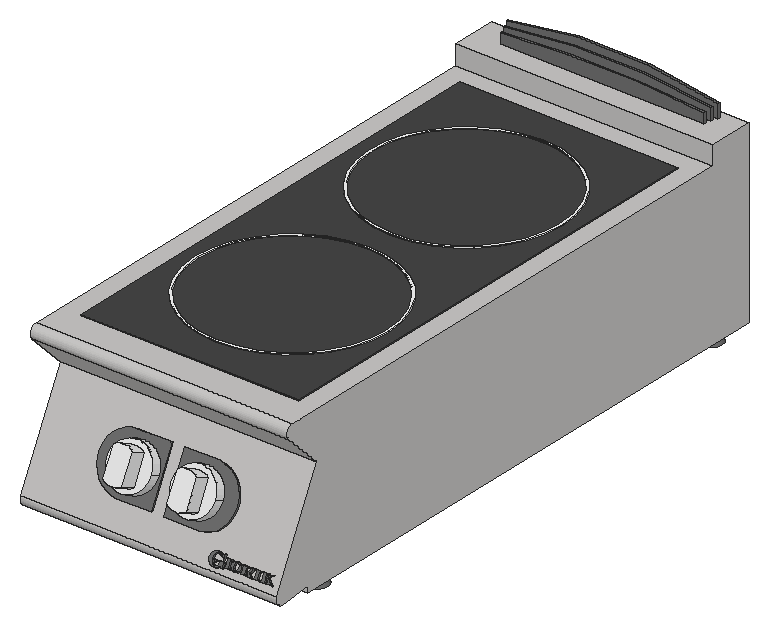
Revit family "QF_GIORIK_CV920T", category Specialty Equipment, Revit 2014
Parameters (values of type "CV920T")
  Weight in Pounds = 99.2079
  Watts = 6000 W
  Volts = 400 V
  URL Cutsheet = "www.giorik.com"
  URL = "www.giorik.com"
  Status [instance] = ""
  Specification by User [instance] = ""
  Specification by Manufacturer = ""
  Show Logo [instance] = yes
  Show Clearance [instance] = yes
  Serial Number = ""
  Seismic Rating = ""
  SMACNA No = ""
  Revision Code [instance] = ""
  Phase = 3
  Number of Poles [instance] = 3
  NAFEM Spec ID Number = ""
  Model = "CV920T"
  Min Ckt Ampacity = 0 A
  Max Overcurrent Protection = 0 A
  Masterspec = ""
  Manufacturer = "GIORIK"
  Item Number [instance] = ""
  Installed By [instance] = ""
  Identify Quantity as Lot [instance] = no
  HP = "8.046120000000"
  Furnished By [instance] = ""
  Foodservice Equipment Identifier [instance] = yes
  FL Amps = 0 A
  Electrical Remarks [instance] = ""
  Electric Connection Type [instance] = ""
  Elec Conn RI Height [instance] = 0 mm
  Elec Conn Connection Height [instance] = 20 mm
  Description = "CERAMIC GLASS HOB - COUNTERTOP VERSION"
  Cycle = 50 Hz
  Conn Plug = ""
  CSI MasterFormat = ""
  Assembly Code = "E1090320"
  Apparent Power = 6000 VA
Reference planes
  plane 1 "Back": y = 0
  plane 2: z = 0
  plane 3 "Left": x = 0
  plane 4 "Right": x = 400
  plane 5 "Front": y = -920
  plane 6 "Top": z = 299.918
Forms (mm)
  Extrusion 1, solid, visible <- "Show Logo"
    sketch origin (196.604, -936.761, 9.405) x (-1, 0, 0) y (0, 0.452718, 0.891654)
      loop
        line (-118.824, 58.358) -> (-127.804, 58.358) -> (-125.523, 56.445) -> (-125.523, 48.027) -> (-127.804, 46.113) -> (-118.824, 46.113) -> (-121.105, 48.027) -> (-121.105, 56.445) -> (-118.824, 58.358)
      loop
        line (-163.721, 58.358) -> (-172.7, 58.358) -> (-170.42, 56.445) -> (-170.42, 48.027) -> (-172.7, 46.113) -> (-163.721, 46.113) -> (-166.001, 48.027) -> (-166.001, 56.445) -> (-163.721, 58.358)
      loop
        line (-174.332, 58.358) -> (-183.312, 58.358) -> (-181.031, 56.445) -> (-181.031, 52.435) -> (-186.419, 56.955) -> (-184.416, 58.358) -> (-191.268, 58.358) -> (-188.01, 56.839) -> (-185.455, 54.283) -> (-190.846, 47.858) -> (-193.396, 46.93) -> (-193.396, 46.113) -> (-184.416, 46.113) -> (-185.437, 47.571) -> (-182.443, 51.552) -> (-181.031, 50.894) -> (-181.031, 48.027) -> (-183.312, 46.113) -> (-174.332, 46.113) -> (-176.613, 48.027) -> (-176.613, 56.445) -> (-174.332, 58.358)
      loop
        line (-115.429, 62.063) -> (-115.429, 54.198)
        arc (-115.429, 54.198) -> (-111.618, 57.803) -> (-106.847, 59.986) r 16.039
        arc (-106.847, 59.986) -> (-103.314, 59.837) -> (-100.512, 57.68) r 5.851
        arc (-100.512, 57.68) -> (-98.815, 52.267) -> (-100.512, 46.853) r 9.479
        arc (-100.512, 46.853) -> (-102.406, 44.986) -> (-104.846, 43.93) r 7.236
        arc (-104.846, 43.93) -> (-107.728, 44.111) -> (-110.052, 45.825) r 5.11
        line (-110.052, 45.825) -> (-110.052, 52.001) -> (-116.141, 52.001) -> (-116.141, 45.503) -> (-117.893, 43.751) -> (-114.094, 44.769)
        arc (-114.094, 44.769) -> (-112.56, 44.947) -> (-111.129, 44.366) r 3.115
        arc (-111.129, 44.366) -> (-104.216, 42.091) -> (-97.303, 44.366) r 11.641
        arc (-97.303, 44.366) -> (-93.396, 52.107) -> (-97.303, 59.849) r 9.622
        arc (-97.303, 59.849) -> (-104.369, 62.174) -> (-111.435, 59.849) r 11.898
        line (-111.435, 59.849) -> (-115.429, 62.063)
      loop
        arc (-129.234, 56.068) -> (-135.893, 58.628) -> (-142.552, 56.068) r 9.941
        arc (-142.552, 56.068) -> (-144.234, 52.286) -> (-142.552, 48.505) r 5.093
        arc (-142.552, 48.505) -> (-135.893, 45.945) -> (-129.234, 48.505) r 9.941
        arc (-129.234, 48.505) -> (-127.552, 52.286) -> (-129.234, 56.068) r 5.093
      loop
        arc (-132.628, 54.403) -> (-135.893, 57.668) -> (-139.158, 54.403) r 3.265
        line (-139.158, 54.403) -> (-139.158, 50.169)
        arc (-139.158, 50.169) -> (-135.893, 46.904) -> (-132.628, 50.169) r 3.265
        line (-132.628, 50.169) -> (-132.628, 54.403)
      loop
        arc (-156.363, 58.365) -> (-159.647, 55.081) -> (-156.363, 51.796) r 3.285
        line (-156.363, 51.796) -> (-159.529, 47.306) -> (-162.087, 46.113) -> (-155.847, 46.113) -> (-153.529, 51.083) -> (-150.637, 51.083) -> (-150.637, 47.784) -> (-153.022, 46.113) -> (-144.011, 46.113) -> (-146.094, 47.68) -> (-146.094, 56.493) -> (-144.229, 58.365) -> (-156.363, 58.365)
      loop
        line (-150.637, 57.512) -> (-153.637, 57.512)
        arc (-153.637, 57.512) -> (-156.237, 54.912) -> (-153.637, 52.312) r 2.6
        line (-153.637, 52.312) -> (-150.637, 52.312) -> (-150.637, 57.512)
      loop
        line (-108.924, 52.001) -> (-104.936, 49.005) -> (-100.948, 52.001) -> (-108.924, 52.001)
    from 1.5 to -0.5
  Extrusion 2, solid
    sketch origin (-4, 0, 4.918) x (1, 0, 0) y (0, 1, 0)
      loop
        circle (54, -385) r 12.5
    from 0 to 15
  Extrusion 3, solid
    sketch origin (0, 800, -620.082) x (0, 1, 0) y (0, 0, 1)
      loop
        line (-800, 919.988) -> (-870, 919.988) -> (-870, 889.988) -> (-1688.806, 889.988)
        arc (-1688.806, 889.988) -> (-1699.151, 883.075) -> (-1696.724, 870.873) r 11.197
        line (-1696.724, 870.873) -> (-1640.876, 815.025) -> (-1718.948, 661.258)
        arc (-1718.948, 661.258) -> (-1718.233, 650.105) -> (-1708.118, 645.354) r 10.981
        line (-1708.118, 645.354) -> (-1660, 649.925) -> (-1660, 640) -> (-800, 640) -> (-800, 919.988)
    from 0 to 400
  Extrusion 4, solid
    sketch origin (-273.221, -1163.345, -547.719) x (1, 0, 0) y (0, 0.452718, 0.891654)
      loop
        line (463.221, 676.25) -> (463.221, 766.25) -> (409.698, 766.25)
        arc (409.698, 766.25) -> (364.698, 721.25) -> (409.698, 676.25) r 45
        line (409.698, 676.25) -> (463.221, 676.25)
    from 48 to 50
  Extrusion 5, solid
    sketch origin (501.331, -1208.697, -525.123) x (-1, 0, 0) y (0, -0.45351, -0.891251)
      loop
        circle (351.331, -721.346) r 35
    from 0 to 15
  Extrusion 6, solid
    sketch origin (501.331, -1208.697, -525.123) x (-1, 0, 0) y (0, -0.45351, -0.891251)
      loop
        arc (336.331, -743.846) -> (351.331, -748.846) -> (366.331, -743.846) r 25
        line (366.331, -743.846) -> (366.331, -698.846)
        arc (366.331, -698.846) -> (351.331, -693.846) -> (336.331, -698.846) r 25
        line (336.331, -698.846) -> (336.331, -743.846)
    from 15 to 40
  Extrusion 7, solid
    sketch origin (673.255, -1163.345, -547.719) x (-1, 0, 0) y (0, -0.452718, -0.891654)
      loop
        line (463.221, -676.25) -> (409.698, -676.25)
        arc (409.698, -676.25) -> (364.698, -721.25) -> (409.698, -766.25) r 45
        line (409.698, -766.25) -> (463.221, -766.25) -> (463.221, -676.25)
    from 48 to 50
  Extrusion 8, solid
    sketch origin (-101.297, -1208.697, -525.123) x (1, 0, 0) y (0, 0.45351, 0.891251)
      loop
        circle (351.331, 721.346) r 35
    from 0 to 15
  Extrusion 9, solid
    sketch origin (-101.297, -1208.697, -525.123) x (1, 0, 0) y (0, 0.45351, 0.891251)
      loop
        line (336.331, 743.846) -> (336.331, 698.846)
        arc (336.331, 698.846) -> (351.331, 693.846) -> (366.331, 698.846) r 25
        line (366.331, 698.846) -> (366.331, 743.846)
        arc (366.331, 743.846) -> (351.331, 748.846) -> (336.331, 743.846) r 25
    from 15 to 40
  Extrusion 10, solid
    sketch origin (0, -215, 220.918) x (0, 1, 0) y (-1, 0, 0)
      loop
        line (-625, -30) -> (-625, -370) -> (115, -370) -> (115, -30) -> (-625, -30)
    from 48 to 50
  Extrusion 11, solid
    sketch origin (10, -531.5, 248.406) x (0, -1, 0) y (1, 0, 0)
      loop
        circle (-231.5, 189.999) r 150
      loop
        circle (-231.5, 189.999) r 146.5
    from 23 to 20.512
  Extrusion 12, solid
    sketch origin (-94, 0, -610.083) x (1, 0, 0) y (0, 0, 1)
      loop
        line (135, 909.989) -> (453, 909.989) -> (453, 925.527) -> (347.056, 931.749) -> (240.944, 931.749) -> (135, 925.527) -> (135, 909.989)
    from 32 to 35
  Extrusion 13, solid
    sketch origin (-92, 10, -610.083) x (1, 0, 0) y (0, 0, 1)
      loop
        line (454, 909.989) -> (454, 928.527) -> (346.162, 939.193) -> (237.838, 939.193) -> (130, 928.527) -> (130, 909.989) -> (454, 909.989)
    from 32 to 35
  Extrusion 14, solid
    sketch origin (-90, 20, -610.083) x (1, 0, 0) y (0, 0, 1)
      loop
        line (455, 909.989) -> (455, 930.527) -> (345.396, 947.413) -> (234.604, 947.413) -> (125, 930.527) -> (125, 909.989) -> (455, 909.989)
    from 32 to 35
  Extrusion 15, solid
    sketch origin (10, -871.5, 248.406) x (0, -1, 0) y (1, 0, 0)
      loop
        circle (-231.5, 189.999) r 150
      loop
        circle (-231.5, 189.999) r 146.5
    from 23 to 20.512
  Extrusion 16, solid
    sketch origin (543.603, 45.298, -30) x (0, 1, 0) y (-1, 0, 0)
      loop
        circle (-79.293, 516.603) r 5
    from 41.965 to 50
  Revolve 17, solid
    sketch origin (27, 49.947, -600) x (0, 1, 0) y (0, 0, 1)
      loop
        line (-83.943, 611.965) -> (-94.752, 611.965) -> (-97.943, 600) -> (-83.943, 600) -> (-83.943, 611.965)
      axis (-83.943, 611.965) -> (-83.943, 600)
    angle from 0 to 360
  Extrusion 18, solid
    sketch origin (-143.603, 45.298, -30) x (0, 1, 0) y (-1, 0, 0)
      loop
        circle (-79.293, -516.603) r 5
    from 41.965 to 50
  Revolve 19, solid
    sketch origin (373, 49.947, -600) x (0, 1, 0) y (0, 0, -1)
      loop
        line (-83.943, -611.965) -> (-83.943, -600) -> (-97.943, -600) -> (-94.752, -611.965) -> (-83.943, -611.965)
      axis (-83.943, -611.965) -> (-83.943, -600)
    angle from 0 to 360
  Extrusion 20, solid
    sketch origin (543.603, -724.67, -30) x (0, 1, 0) y (-1, 0, 0)
      loop
        circle (-79.293, 516.603) r 5
    from 41.965 to 50
  Revolve 21, solid
    sketch origin (27, -720.021, -600) x (0, 1, 0) y (0, 0, 1)
      loop
        line (-83.943, 611.965) -> (-94.752, 611.965) -> (-97.943, 600) -> (-83.943, 600) -> (-83.943, 611.965)
      axis (-83.943, 611.965) -> (-83.943, 600)
    angle from 0 to 360
  Extrusion 22, solid
    sketch origin (-143.603, -724.67, -30) x (0, 1, 0) y (-1, 0, 0)
      loop
        circle (-79.293, -516.603) r 5
    from 41.965 to 50
  Revolve 23, solid
    sketch origin (373, -720.021, -600) x (0, 1, 0) y (0, 0, -1)
      loop
        line (-83.943, -611.965) -> (-83.943, -600) -> (-97.943, -600) -> (-94.752, -611.965) -> (-83.943, -611.965)
      axis (-83.943, -611.965) -> (-83.943, -600)
    angle from 0 to 360
Lines and regions (mm)
  symbolic lines, style "200-EquipBorder-2D"
    curve 1: line (0, -920, 0) -> (400, -920, 0)
    curve 2: line (400, -920, 0) -> (400, 0, 0)
    curve 3: line (400, 0, 0) -> (0, 0, 0)
    curve 4: line (0, 0, 0) -> (0, -920, 0)
  symbolic lines, style "200-EquipInternal-2D"
    curve 5: line (35, -15, 899.988) -> (365, -15, 899.988)
    curve 6: line (365, -12, 899.988) -> (35, -12, 899.988)
    curve 7: line (38, -25, 899.988) -> (362, -25, 899.988)
    curve 8: line (362, -22, 899.988) -> (38, -22, 899.988)
    curve 9: line (41, -35, 899.988) -> (359, -35, 899.988)
    curve 10: line (359, -32, 899.988) -> (41, -32, 899.988)
    curve 11: line (365, -15, 899.988) -> (365, -12, 899.988)
    curve 12: line (362, -25, 899.988) -> (362, -22, 899.988)
    curve 13: line (359, -35, 899.988) -> (359, -32, 899.988)
    curve 14: line (41, -32, 899.988) -> (41, -35, 899.988)
    curve 15: line (38, -22, 899.988) -> (38, -25, 899.988)
    curve 16: line (35, -12, 899.988) -> (35, -15, 899.988)
    curve 17: line (0, -70, 899.988) -> (400, -70, 899.988)
    curve 18: line (30, -100, 299.918) -> (370, -100, 299.918)
    curve 19: line (30, -840, 299.918) -> (30, -100, 299.918)
    curve 20: line (370, -840, 299.918) -> (30, -840, 299.918)
    curve 21: line (370, -100, 299.918) -> (370, -840, 299.918)
    curve 22: circle (199.999, -300, 299.918) r 150 normal (0, 0, 1)
    curve 23: circle (199.999, -300, 299.918) r 146.5 normal (0, 0, 1)
    curve 24: circle (199.999, -640, 299.918) r 150 normal (0, 0, 1)
    curve 25: circle (199.999, -640, 299.918) r 146.5 normal (0, 0, 1)
Dimensions and locks
  plane 3 "Left" to plane 4 "Right" = 400 mm
  plane 5 "Front" to plane 1 "Back" = 920 mm
  plane 4 "Right" to plane 3 "Left" = 400 mm
  plane 1 "Back" to plane 5 "Front" = 920 mm
  plane 6 "Top" to level = 299.918 mm  (x2)
  aligned and locked: level to plane 2
Connectors
  electrical at (50, -385, 4.918), driven by "Apparent Power", driven by "Volts", driven by "Number of Poles"
    settings: on Extrusion 2, index 1, voltage 400 V, apparent load 0 VA, apparent load phase1 6000 VA, apparent load phase2 0 VA, apparent load phase3 0 VA, power factor 1, load classification "Other", number of poles 3, system type 31, power factor state 1, is connector primary yes, connector utility no, sub classification motor no, connector description "Electrical connection"
